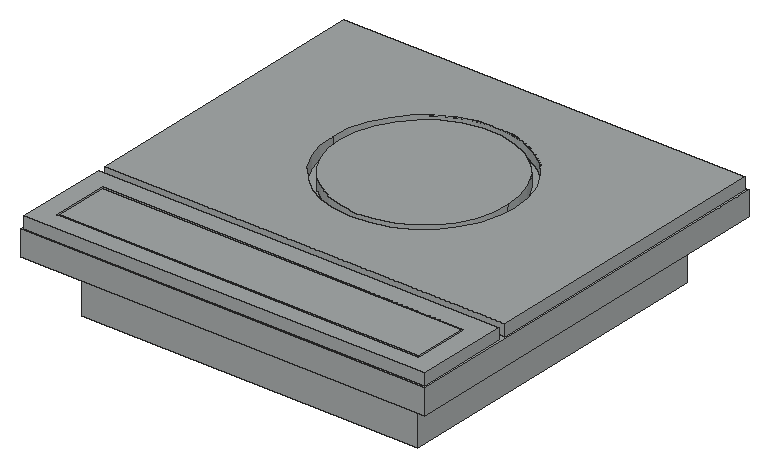
Revit family "Gira_5565902", category Electrical Fixtures, host Face, Revit 2017
Family settings
  Host = Face
  Maintain Annotation Orientation = Yes
  Round Connector Dimension = Use Diameter
  Part Type = Normal
  Cut with Voids When Loaded = No
  Shared = No
  Room Calculation Point = No
Parameters (values of type "Türstationsmodul System 106 Verkehrsweiß(lack.)")
  URL = "http://katalog.gira.de/de_DE/datenblatt.html?artikelnr=5565902"
  Region = "DE"
  Name = "Türstationsmodul System 106 Verkehrsweiß(lack.)"
  Model = "Sys106_Abdeckung_Schalten und Tasten"
  Manufacturer URL = "https://www.gira.de/"
  Installationstechnik = "Bus-System"
  Höhe = "0,1065 m"
  HeinzeBIM = "https://bimportal.heinze.de/bim/tuerstationsmodul-system-106-verkehrsweiss-lack-/48749221f3c6fd50671d1fcd66ef1da0db4cfbec"
  HAN = "5565902"
  GTIN = "4010337022466"
  Farbe = "weiß"
  Edelstahl [instance] = Edelstahl
  Default Elevation = 1219.2 mm
  Data sheet (1) = "https://katalog.gira.de/de_DE/download.html?artikelnr=5565902"
  Category = "Funktionsmodul für Türkommunikation"
  Breite = "0,1065 m"
  Available = "Yes"
  Anzahl der Klingeltasten = "1 "
Reference planes
  plane 1 "Center (Front/Back)": y = 0
  plane 2 "Reference Level 0": z = 0
  plane 3 "Center (Left/Right)": x = 0
  plane 4 "Reference Level 1": z = 9.5
Forms (mm)
  Extrusion 1, solid, material "Edelstahl" <- "Edelstahl", detail levels coarse
    sketch origin (0, 0, 0) x (1, 0, 0) y (0, 1, 0)
      loop
        line (-53, 53) -> (-53, -53) -> (53, -53) -> (53, 53) -> (-53, 53)
    from -14.7 to 9.5
  Extrusion 2, solid, material "Edelstahl" <- "Edelstahl", detail levels fine
    sketch origin (0, 0, 0) x (1, 0, 0) y (0, 1, 0)
      loop
        line (52.5, -28) -> (-52.5, -28) -> (-52.5, -52.5) -> (52.5, -52.5) -> (52.5, -28)
      loop
        line (-47.5, -48) -> (47.5, -48) -> (47.5, -33) -> (-47.5, -33) -> (-47.5, -48)
    from 6.5 to 9.5
  Extrusion 3, solid, material "Edelstahl" <- "Edelstahl", detail levels fine
    sketch origin (0, 0, 0) x (1, 0, 0) y (0, 1, 0)
      loop
        line (-52.5, 52.5) -> (-52.5, -26) -> (52.5, -26) -> (52.5, 52.5) -> (-52.5, 52.5)
      loop
        circle (0, 13) r 24
    from 6.5 to 9.5
  Extrusion 4, solid, material "Edelstahl" <- "Edelstahl", detail levels medium+fine
    sketch origin (0, 0, 0) x (1, 0, 0) y (0, 1, 0)
      loop
        line (-53, 53) -> (-53, -53) -> (53, -53) -> (53, 53) -> (-53, 53)
    from 0 to 6.5
  Extrusion 5, solid, material "Edelstahl" <- "Edelstahl", detail levels fine
    sketch origin (0, 0, 0) x (1, 0, 0) y (0, 1, 0)
      loop
        line (-44, 44) -> (-44, -44) -> (44, -44) -> (44, 44) -> (-44, 44)
    from -14.7 to 0
  Extrusion 6, solid, material "Edelstahl" <- "Edelstahl", detail levels fine
    sketch origin (0, 0, 0) x (1, 0, 0) y (0, 1, 0)
      loop
        circle (0, 13) r 22
    from 6.5 to 9.5
  Extrusion 7, solid, material "Edelstahl" <- "Edelstahl", detail levels fine
    sketch origin (0, 0, 0) x (1, 0, 0) y (0, 1, 0)
      loop
        line (-47, -33.5) -> (-47, -47.5) -> (47, -47.5) -> (47, -33.5) -> (-47, -33.5)
    from 6.5 to 9.5
  Extrusion 8, solid, material "Edelstahl" <- "Edelstahl", detail levels medium
    sketch origin (0, 0, 0) x (1, 0, 0) y (0, 1, 0)
      loop
        line (-52.5, 52.5) -> (-52.5, -26) -> (52.5, -26) -> (52.5, 52.5) -> (-52.5, 52.5)
      loop
        line (-52.5, -28) -> (-52.5, -52.5) -> (52.5, -52.5) -> (52.5, -28) -> (-52.5, -28)
    from 6.5 to 9.5
  Extrusion 9, solid, material "Edelstahl" <- "Edelstahl", detail levels medium
    sketch origin (0, 0, 0) x (1, 0, 0) y (0, 1, 0)
      loop
        circle (0, 13) r 24
      loop
        line (-47.5, -33) -> (-47.5, -48) -> (47.5, -48) -> (47.5, -33) -> (-47.5, -33)
    from 6.5 to 9.5
Dimensions and locks
  aligned and locked: plane 2 "Reference Level 0" to host face
  aligned and locked: level to host face
  aligned and locked: Extrusion 4 to host face
  aligned and locked: Extrusion 4 to level
  aligned and locked: level to Extrusion 5
  aligned and locked: level to Extrusion 4
  aligned and locked: Extrusion 4 to plane 2 "Reference Level 0"
  aligned and locked: plane 2 "Reference Level 0" to Extrusion 5
  aligned and locked: plane 3 "Center (Left/Right)" to nested 1
  aligned and locked: plane 1 "Center (Front/Back)" to nested 1
Nested families
  nested 1: "Schalter" at (0, 0, 0), type "Schalter"
Connectors
  electrical at (0, 0, -14.7)
    settings: on Extrusion 5, index 1, voltage 220 V, apparent load 0 VA, apparent load phase1 0 VA, apparent load phase2 0 VA, apparent load phase3 0 VA, power factor 1, load classification "Other", number of poles 1, system type 30, power factor state 1, is connector primary yes, connector utility no, sub classification motor no, connector description ""
Definition of nested family "Schalter"
  Reference planes
    plane 1: y = 0
    plane 2: x = 0
  Lines and regions (mm)
    detail lines
      curve 1: circle (1.375, 2.778, 0) r 0.8 normal (0, 0, 1)
      curve 2: line (1.021, 2.061, 0) -> (0, 0, 0)
      curve 3: line (0, 0, 0) -> (-0.538, 0.266, 0)
  Dimensions and locks
    curve 2 to curve 2 = 2.3 mm
    curve 3 to curve 2 = 0.6 mm
    radius of curve 1 = 0.8 mm
